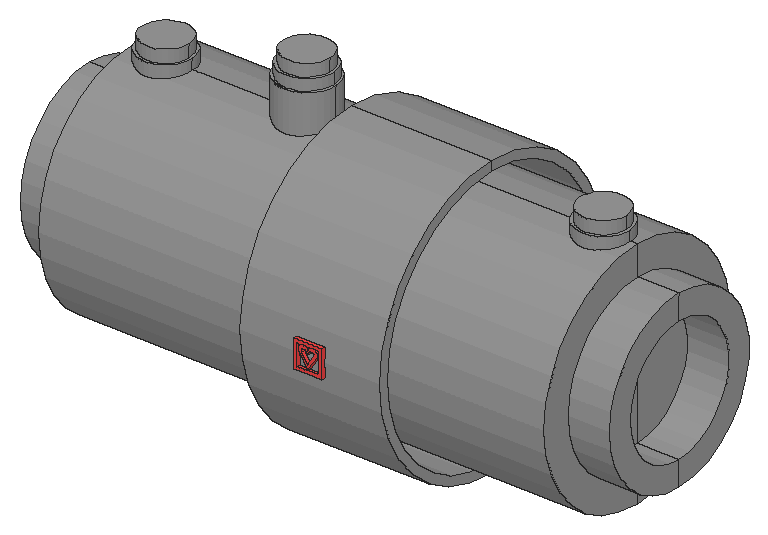
Revit family "Клапан предотвращения обратного потока 0307, внутренняя резьба х внутренняя резьба", category Rohrzubehör, Revit 2018
Family settings
  Bemaßung runder Anschluss = Durchmesser verwenden
  Teiletyp = Unterbricht
  OmniClass-Nummer = 23.65.55.14
  OmniClass-Titel = Valves for Liquid Services
  Arbeitsebenenbasiert = Nein
  Immer vertikal = Ja
  Beim Laden mit Abzugskörper schneiden = Nein
  Gemeinsam genutzt = Nein
Parameters (values of type "внутренняя резьба х внутренняя резьба DN40-DN40")
  Среда = "вода (не пар)"  # constant formula
  Примечание = "В соответствии со статьей 33 Регламента REACH (Registration; Evaluation; Authorisation; Restriction of Chemicals) (EC № 1907/2006) мы обязаны указать, что свинец внесен в список SVHC (Substances of Very High Concern - вещества очень высокой важности) и весовой процент свинца во всех латунных компонентах заводского изготовления в наших изделиях, превышает 0,1 % (w/w) (CAS: 7439-92-1 / EINECS: 231-100-4).\r\nПоскольку свинец является легирующим компонентом сплава, прямое негативное влияние исключается, и поэтому дополнительной информации о безопасном использовании не требуется."
  Область применения = "Клапан предотвращения обратного потока является экономически выгодным решением по дооснащению гидрантов арматурой, в соответствии с предписаниями DIN EN 1717, предотвращающей подсасывание непитьевой воды обратно в трубопровод питьевого водоснабжения.\r\nКлапан предотвращения обратного потока предназначается для установки в горизонтальном положении.\r\nДопускается также его вертикальное положение, но обязательно по направлению движения потока сверху вниз.\r\nКлапан не предусмотрен для установки на стояковых нагнетательных трубопроводах."
  Макс. рабочее давление = 1000000.0 Pa  # constant formula
  Макс. рабочая температура = 65 °C  # constant formula
  Корпус = "нержавеющая сталь"  # constant formula
  Исполнение = "Клапан предотвращения обратного потока ВА разработан согласно требованиям нормы DIN EN 1717.\r\nСогласно этой нормы качество воды, в зависимости от степени загрязнения, разделяется на 5 категорий.\r\nКлапан предотвращения обратного потока типа ВА обеспечивает защиту от непитьевой воды до 4 категории, - это самый высокий класс защиты, который может обеспечить арматура.\r\nБолее низкий уровень защиты, чем тот, что обеспечивается клапаном предотвращения обратного потока, не является стандартом и в случае аварии ответственность несёт потребитель такого гидранта.\r\nФункциональный узел представляет собой картридж с золотником больших размеров и защищающего от гидравлического удара спускного клапана.\r\nРезьбы соединения между собой взаимозаменяемы, при этом возможны 16 вариантов подключения (входная и выходная стороны могут быть с внутренней или наружной резьбой  1 1/2\" , как альтернатива,  с внутренней или наружной резьбой 2\")."
  URL = "www.herz-armaturen.ru"
  SCTWSEQ = "AW;SBT_TYP_AW=\"104\";2"
  SCTWCODE = "04;12;02"  # constant formula
  S03 = 15.000 mm  # constant formula
  S02 = 45.000 mm  # constant formula
  S01 = 98.000 mm  # constant formula
  Nennweite Ein [instance] = if(IG_IG_DN40_DN40, 40.000 mm, if(IG_IG_DN40_DN50, 40.000 mm, if(IG_IG_DN50_DN40, 50.000 mm, if(IG_IG_DN50_DN50, 50.000 mm, 0.000 mm))))  # 40.000 mm
  Nennweite Aus [instance] = if(IG_IG_DN40_DN40, 40.000 mm, if(IG_IG_DN40_DN50, 50.000 mm, if(IG_IG_DN50_DN40, 40.000 mm, if(IG_IG_DN50_DN50, 50.000 mm, 0.000 mm))))  # 40.000 mm
  Макс. допустимая рабочая температура (кратковременно) = 80 °C  # constant formula
  L08 = 45.000 mm  # constant formula
  L07 = 24.500 mm  # constant formula
  L06 = 70.000 mm  # constant formula
  L05 = 28.000 mm  # constant formula
  L04 = 13.500 mm  # constant formula
  L03 = 84.500 mm  # constant formula
  L02 = 18.000 mm  # constant formula
  L01 = 190.000 mm  # constant formula
  Hersteller = "HERZ Armaturen Ges.m.b.H."  # constant formula
  Положение при монтаже = "горизонтально или вертикально, с направлением потока сверху вниз"  # constant formula
  D04 [instance] = if(IG_IG_DN40_DN40, 28.000 mm, if(IG_IG_DN40_DN50, 33.000 mm, if(IG_IG_DN50_DN40, 28.000 mm, if(IG_IG_DN50_DN50, 33.000 mm, 0.000 mm))))  # 28.000 mm
  D03 [instance] = if(IG_IG_DN40_DN40, 28.000 mm, if(IG_IG_DN40_DN50, 28.000 mm, if(IG_IG_DN50_DN40, 33.000 mm, if(IG_IG_DN50_DN50, 33.000 mm, 0.000 mm))))  # 28.000 mm
  D02 = 45.000 mm  # constant formula
  D01 = 37.500 mm  # constant formula
  Номер заказа [instance] = if(IG_IG_DN40_DN40, "I030701", if(IG_IG_DN40_DN50, "I030709", if(IG_IG_DN50_DN40, "I030713", if(IG_IG_DN50_DN50, "I030705", "0"))))  # "I030701"
  IG_IG_DN50_DN50 = no
  IG_IG_DN50_DN40 = no
  IG_IG_DN40_DN50 = no
  IG_IG_DN40_DN40 = yes
  IG Ein [instance] = Nennweite Ein / 2  # 20.000 mm
  IG Aus [instance] = Nennweite Aus / 2  # 20.000 mm
Types (5, lengths in mm): name | Nennweite Ein | Nennweite Aus | D04 | D03 | Номер заказа | IG_IG_DN50_DN50 | IG_IG_DN50_DN40 | IG_IG_DN40_DN50 | IG_IG_DN40_DN40 | IG Ein | IG Aus
  (no name) | 40.000 | 40.000 | 28.000 | 28.000 | "I030701" | no | no | no | yes | 20.000 | 20.000
  внутренняя резьба х внутренняя резьба DN40-DN50 | 40.000 | 50.000 | 33.000 | 28.000 | "I030709" | no | no | yes | no | 20.000 | 25.000
  внутренняя резьба х внутренняя резьба DN40-DN40 | 40.000 | 40.000 | 28.000 | 28.000 | "I030701" | no | no | no | yes | 20.000 | 20.000
  внутренняя резьба х внутренняя резьба DN50-DN50 | 50.000 | 50.000 | 33.000 | 33.000 | "I030705" | yes | no | no | no | 25.000 | 25.000
  внутренняя резьба х внутренняя резьба DN50-DN40 | 50.000 | 40.000 | 28.000 | 33.000 | "I030713" | no | yes | no | no | 25.000 | 20.000
Reference planes
  plane 1 "Mitte (Vorne/hinten)": y = 0
  plane 2: z = 0
  plane 3 "Mitte (Links/rechts)": x = 0
Forms (mm)
  Revolve 1, solid, material "Messing, weicher Gelbton, geschweißt", detail levels fine
    sketch origin (0, 0, 0) x (1, 0, 0) y (0, 0, 1)
      loop
        line (81.5, 0) -> (81.5, 20) -> (95, 20) -> (95, 28) -> (81.5, 28) -> (81.5, 37.5) -> (-81.5, 37.5) -> (-81.5, 28) -> (-95, 28) -> (-95, 20) -> (-81.5, 20) -> (-81.5, 0) -> (81.5, 0)
      axis (-95, 0) -> (95, 0)
    angle from 0 to 360
  Revolve 2, solid, material "Acetalharz, Schwarz", detail levels fine
    sketch origin (0, 0, 0) x (1, 0, 0) y (0, 0, 1)
      loop
        line (-10.5, 0) -> (1.5, 0) -> (1.5, 42) -> (34.5, 42) -> (34.5, 45) -> (-10.5, 45) -> (-10.5, 0)
      axis (-10.5, 0) -> (34.5, 0)
    angle from 0 to 360
  Extrusion 3, solid, material "Messing, weicher Gelbton, geschweißt", detail levels fine
    sketch origin (0, 0, 0) x (1, 0, 0) y (0, 1, 0)
      loop
        circle (-70.5, 0) r 8.5
      loop
        circle (70.5, 0) r 8.5
    from 0 to 40.5
  Extrusion 4, solid, material "Acetalharz, Schwarz", detail levels fine
    sketch origin (0, 0, 0) x (1, 0, 0) y (0, 1, 0)
      loop
        circle (-70.5, 0) r 7.5
      loop
        circle (70.5, 0) r 7.5
    from 40.5 to 44.5
  Extrusion 5, solid, material "Messing, weicher Gelbton, geschweißt", detail levels fine
    sketch origin (0, 0, 0) x (1, 0, 0) y (0, 1, 0)
      loop
        circle (-25, 0) r 9.3
    from 0 to 49
  Extrusion 6, solid, material "Messing, weicher Gelbton, geschweißt", detail levels fine
    sketch origin (0, 0, 0) x (1, 0, 0) y (0, 1, 0)
      loop
        circle (-25, 0) r 8.5
    from 49 to 52.5
  Extrusion 7, solid, material "Acetalharz, Schwarz", visible <- "IG_IG_DN40_DN50", detail levels fine
    sketch origin (0, 0, 0) x (1, 0, 0) y (0, 1, 0)
      loop
        circle (-25, 0) r 7.5
    from 52.5 to 56.5
  Extrusion 8, solid, material "Acetalharz, Schwarz", visible <- "IG_IG_DN40_DN40", detail levels fine
    sketch origin (0, 0, 0) x (1, 0, 0) y (0, 1, 0)
      loop
        circle (-25, 0) r 7.5
    from 52.5 to 56.4
  Extrusion 9, solid, material "Acetalharz, Schwarz", visible <- "IG_IG_DN50_DN50", detail levels fine
    sketch origin (0, 0, 0) x (1, 0, 0) y (0, 1, 0)
      loop
        circle (-25, 0) r 7.5
    from 52.5 to 56.3
  Extrusion 10, solid, material "Acetalharz, Schwarz", visible <- "IG_IG_DN50_DN40", detail levels fine
    sketch origin (0, 0, 0) x (1, 0, 0) y (0, 1, 0)
      loop
        circle (-25, 0) r 7.5
    from 52.5 to 56.2
Lines and regions (mm)
  model lines, detail levels coarse+medium
    curve 1: line (-95, 0, 37.5) -> (95, 0, 37.5)
    curve 2: line (-95, 0, -37.5) -> (-95, 0, 37.5)
    curve 3: line (95, 0, -37.5) -> (-95, 0, -37.5)
    curve 4: line (95, 0, 37.5) -> (95, 0, -37.5)
    curve 5: line (-95, 0, -22.5) -> (-50, 0, -22.5)
    curve 6: line (-3, 0, -22.5) -> (95, 0, -22.5)
    curve 7: line (-95, 0, 22.5) -> (-50, 0, 22.5)
    curve 8: line (-3, 0, 22.5) -> (95, 0, 22.5)
    curve 9: line (-95, 37.5, 0) -> (95, 37.5, 0)
    curve 10: line (-95, -37.5, 0) -> (-95, 37.5, 0)
    curve 11: line (95, -37.5, 0) -> (-95, -37.5, 0)
    curve 12: line (95, 37.5, 0) -> (95, -37.5, 0)
    curve 13: line (-95, 22.5, 0) -> (-50, 22.5, 0)
    curve 14: line (-3, 22.5, 0) -> (95, 22.5, 0)
    curve 15: line (-95, -22.5, 0) -> (-50, -22.5, 0)
    curve 16: line (-3, -22.5, 0) -> (95, -22.5, 0)
Dimensions and locks
  equal spacing: curve 4, plane 3 "Mitte (Links/rechts)", curve 2
  "L01": curve 4 to curve 2
  "D01": curve 1 to plane 2 to curve 3
  "S03": curve 5 to curve 3
  "S03": curve 1 to curve 7
  "S03": curve 1 to curve 8
  "S03": curve 6 to curve 3
  "S02": curve 5 to curve 2
  "S02": curve 7 to curve 2
  "S01": curve 8 to curve 4
  "S01": curve 6 to curve 4
  equal spacing: curve 10, plane 3 "Mitte (Links/rechts)", curve 12
  "L01": curve 10 to curve 12
  "D01": curve 11 to plane 1 "Mitte (Vorne/hinten)" to curve 9
  "S03": curve 13 to curve 9
  "S03": curve 11 to curve 15
  "S03": curve 14 to curve 9
  "S03": curve 11 to curve 16
  "S01": curve 14 to curve 12
  "S01": curve 16 to curve 12
  "S02": curve 10 to curve 15
  "S02": curve 10 to curve 13
  "D02": Revolve 2 sketch curve to Revolve 2 sketch curve
  equal spacing: Revolve 2, nested 1, Revolve 2
  "D02": nested 1 to plane 1 "Mitte (Vorne/hinten)"
  "IG Ein": Revolve 1 sketch curve to plane 2
  "D03": Revolve 1 sketch curve to plane 2
  "D01": Revolve 1 sketch curve to plane 2
  "L03": Revolve 1 to Revolve 2 sketch curve
  "L07": Revolve 1 to Extrusion 3 sketch curve
  "L07": Revolve 1 to Extrusion 4 sketch curve
  "L06": Revolve 1 to Extrusion 5 sketch curve
  "L06": Revolve 1 to Extrusion 6 sketch curve
  "L06": Revolve 1 to Extrusion 10 sketch curve
  "L06": Revolve 1 to Extrusion 9 sketch curve
  "L06": Revolve 1 to Extrusion 8 sketch curve
  "L06": Revolve 1 to Extrusion 7 sketch curve
  "L08": Revolve 2 sketch curve to Revolve 2 sketch curve
  "IG Aus": Revolve 1 sketch curve to Revolve 1 sketch curve
  "D04": Revolve 1 sketch curve to Revolve 1 sketch curve
  "L01": Revolve 1 sketch curve to Revolve 1 sketch curve
  equal spacing: Revolve 1 sketch curve, plane 3 "Mitte (Links/rechts)", Revolve 1 sketch curve
  "L07": Extrusion 3 sketch curve to Revolve 1
  "L07": Extrusion 4 sketch curve to Revolve 1
  "L04": Revolve 1 sketch curve to Revolve 1 sketch curve  (x2)
  aligned and locked: level to plane 2
Automatic sketch dimensions
  Revolve 1 sketch curve to level = 0.000 mm  (x2)
  Revolve 1 sketch curve to Revolve 1 sketch curve = 0.000 mm
  Revolve 1 sketch curve to Revolve 1 sketch curve = 13.500 mm
  Revolve 1 sketch curve to Revolve 1 sketch curve = 1408.530 mm
  Revolve 1 sketch curve to Revolve 1 sketch curve = 1741.148 mm
  Revolve 2 sketch curve to level = 0.000 mm  (x2)
  plane 3 "Mitte (Links/rechts)" to Revolve 2 sketch curve = 1.500 mm
  Revolve 2 sketch curve to Revolve 2 sketch curve = 3.000 mm
  Revolve 2 sketch curve to Revolve 2 sketch curve = 1496.030 mm
  Revolve 2 sketch curve to Revolve 2 sketch curve = 1804.648 mm
  plane 1 "Mitte (Vorne/hinten)" to Extrusion 3 sketch curve = 0.000 mm  (x2)
  plane 1 "Mitte (Vorne/hinten)" to Extrusion 4 sketch curve = 0.000 mm  (x2)
  plane 1 "Mitte (Vorne/hinten)" to Extrusion 5 sketch curve = 0.000 mm
  plane 1 "Mitte (Vorne/hinten)" to Extrusion 6 sketch curve = 0.000 mm
  plane 1 "Mitte (Vorne/hinten)" to Extrusion 7 sketch curve = 0.000 mm
  plane 1 "Mitte (Vorne/hinten)" to Extrusion 8 sketch curve = 0.000 mm
  plane 1 "Mitte (Vorne/hinten)" to Extrusion 9 sketch curve = 0.000 mm
  plane 1 "Mitte (Vorne/hinten)" to Extrusion 10 sketch curve = 0.000 mm
  radius of Extrusion 3 sketch curve = 8.500 mm  (x2)
  radius of Extrusion 4 sketch curve = 7.500 mm  (x2)
  radius of Extrusion 5 sketch curve = 9.300 mm
  radius of Extrusion 6 sketch curve = 8.500 mm
  radius of Extrusion 7 sketch curve = 7.500 mm
  radius of Extrusion 8 sketch curve = 7.500 mm
  radius of Extrusion 9 sketch curve = 7.500 mm
  radius of Extrusion 10 sketch curve = 7.500 mm
Nested families
  nested 1: "Herz-Logo-vorne" at (12, -45, 0) x (0, 1, 0) z (0, 0, 1), type "Herz-Logo-vorne", detail levels fine
Connectors
  piping at (-81.5, 0, 0), diameter 40, driven by "Nennweite Ein"
    settings: on Revolve 1, index 1, connector inside diameter 609.6 mm, connector length 0.000 mm, flow factor 0, pipe flow 0.0 L/s, pressure drop 0.0 Pa, fitting loss kfactor 0, connector angle 0.00°, fixture units 0, engagement length 0.000 mm, angle of deflection 0.00°, flow configuration 0, flow direction 1, fitting loss method 0, system type 29, joint type 0, gender type 0, connector reference index -1, connector utility 0, adjustable connector no, is connector primary yes, connector description ""
  piping at (81.5, 0, 0), diameter 40, driven by "Nennweite Aus"
    settings: on Revolve 1, index 2, connector inside diameter 609.6 mm, connector length 0.000 mm, flow factor 0, pipe flow 0.0 L/s, pressure drop 0.0 Pa, fitting loss kfactor 0, connector angle 0.00°, fixture units 0, engagement length 0.000 mm, angle of deflection 0.00°, flow configuration 0, flow direction 2, fitting loss method 0, system type 29, joint type 0, gender type 0, connector reference index -1, connector utility 0, adjustable connector no, is connector primary no, connector description ""
Definition of nested family "Herz-Logo-vorne"
  Reference planes
    plane 1 "Mitte (Vorne/hinten)": y = 0
    plane 2: z = 0
    plane 3 "Mitte (Links/rechts)": x = 0
  Forms (mm)
    Extrusion 1, solid
      sketch origin (0.732, -0.018, 0.017) x (0, -1, 0) y (0, 0, 1)
        loop
          line (-0.018, -4.517) -> (4.482, -4.517) -> (4.482, 4.483) -> (-4.518, 4.483) -> (-4.518, -4.517) -> (-0.018, -4.517)
        loop
          line (-0.05, -3.48) -> (3.482, -3.48) -> (3.482, 3.483) -> (-3.518, 3.483) -> (-3.518, -3.48) -> (-0.05, -3.48)
        loop
          arc (-0.018, 2.383) -> (-1.543, 3.287) -> (-3.067, 2.383) r 1.738
          arc (-3.067, 2.383) -> (-3.191, 1.899) -> (-3.067, 1.415) r 1.009
          line (-3.067, 1.415) -> (-0.018, -3.281) -> (3.032, 1.415)
          arc (3.032, 1.415) -> (3.156, 1.899) -> (3.032, 2.383) r 1.009
          arc (3.032, 2.383) -> (1.507, 3.287) -> (-0.018, 2.383) r 1.738
        loop
          arc (1.885, 1.272) -> (2.005, 1.675) -> (1.885, 2.079) r 0.74
          arc (1.885, 2.079) -> (1.265, 2.416) -> (0.644, 2.079) r 0.74
          line (0.644, 2.079) -> (-0.018, 0.97) -> (-0.679, 2.079)
          arc (-0.679, 2.079) -> (-1.3, 2.416) -> (-1.921, 2.079) r 0.74
          arc (-1.921, 2.079) -> (-2.04, 1.675) -> (-1.921, 1.272) r 0.74
          line (-1.921, 1.272) -> (-0.018, -1.658) -> (1.885, 1.272)
      from 0 to 1.5
  Dimensions and locks
    aligned and locked: level to plane 2
